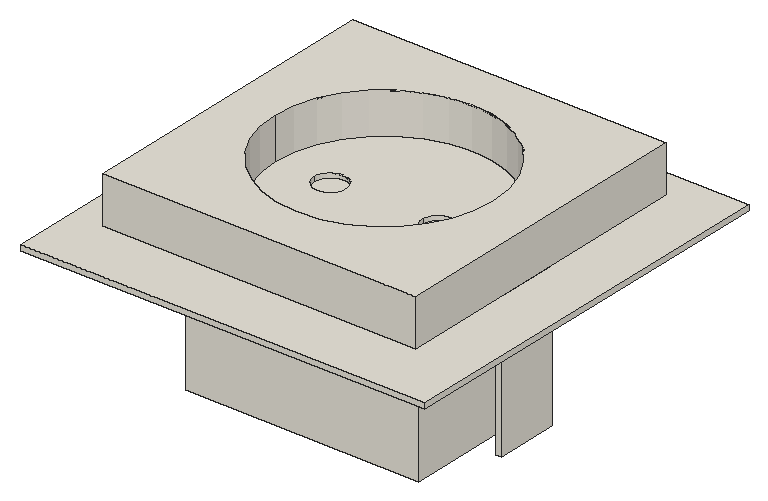
Revit family "Gira_277803", category Electrical Fixtures, host Face, Revit 2017
Family settings
  Host = Face
  Maintain Annotation Orientation = Yes
  Round Connector Dimension = Use Diameter
  Part Type = Normal
  Cut with Voids When Loaded = No
  Shared = No
  Room Calculation Point = No
Parameters (values of type "Steckd. BS 13 A gesch. + SH System 55 Reinweiß")
  Überspannungsschutz = "No"
  Werkstoffgüte = "sonstige"
  Werkstoff = "sonstige"
  Verdrehter Zentraleinsatz = "No"
  URL = "http://katalog.gira.de/de_DE/datenblatt.html?artikelnr=277803"
  Transparent = "No"
  Textfeld/Beschriftungsfläche = "No"
  Sonderstromversorgung = "ohne Sonderstromversorgung"
  Schutzleiterkontakt rund = "No"
  Schutzkontakt = "No"
  Region = "DE"
  RAL-Nummer (ähnlich) = "9010 "
  Oberfläche = "sonstige"
  Nennstrom = "13 Ampere"
  Nennspannung = "250 Volt"
  Name = "Steckd. BS 13 A gesch. + SH System 55 Reinweiß"
  Montageart = "unter Putz"
  Model = "SYS55_Steckdose"
  Mit erhöhtem Berührungsschutz = "Yes"
  Mit eingebauter USB-Spannungsversorgung = "No"
  Mit Signallampe = "No"
  Mit Orientierungsbeleuchtung = "No"
  Mit Klappdeckel = "No"
  Mit Funktionsbeleuchtung = "No"
  Mit Feinsicherung = "No"
  Mit Ein-/Ausschalter = "Yes"
  Mit Durchschleiffunktion = "No"
  Manufacturer URL = "https://www.gira.de/"
  Isolierter Einbau = "No"
  HeinzeBIM = "https://bimportal.heinze.de/bim/steckd-bs-13-a-gesch-sh-system-55-reinweiss/b4911e031992ce92d90a3da3e09cadf088a95f2f"
  Halogenfrei = "Yes"
  HAN = "277803"
  Geeignet für Schutzart (IP) = "IP20"
  GTIN = "4010337079484"
  Für "erschwerte Bedingungen" (nach VDE) = "No"
  Fehlerstromschutz = "No"
  Farbe = "weiß"
  Default Elevation = 1219.2 mm
  Data sheet (1) = "https://katalog.gira.de/de_DE/download.html?artikelnr=277803"
  Cremeweiß glänzend = Cremeweiß glänzend
  Category = "Steckdose"
  Befestigungsart = "Befestigung mit Schraube"
  Available = "Yes"
  Auswurfmechanismus = "No"
  Ausführung der Oberfläche = "glänzend"
  Ausführung = "British Standard"
  Aufdruck/Kennzeichnung = "ohne Aufdruck"
  Anzahl der Steckdosen schaltbar = "1 "
  Anzahl der Module (bei Modulbauweise) = "1 "
  Anzahl der Einheiten = "1 "
  Antibakterielle Behandlung = "No"
  Anschlussart = "Schraubklemme"
  Abschließbar = "No"
Reference planes
  plane 1 "Center (Front/Back)": y = 0
  plane 2 "Reference Level 0": z = 0
  plane 3 "Center (Left/Right)": x = 0
  plane 4: x = 9.5
  plane 5: x = -9.5
  plane 6: x = 9.5
  plane 7: x = -9.5
  plane 8: x = 9.5
  plane 9: x = -9.5
  plane 10: x = 17.5
  plane 11 "Reference Level 1": z = 8.2
Forms (mm)
  Extrusion 1, solid, material "Cremeweiß glänzend" <- "Cremeweiß glänzend", detail levels coarse
    sketch origin (0, 0, 0) x (1, 0, 0) y (0, 1, 0)
      loop
        line (-35.5, 35.5) -> (-35.5, -35.5) -> (35.5, -35.5) -> (35.5, 35.5) -> (-35.5, 35.5)
    from -27.5 to 8.2
  Extrusion 2, solid, material "Cremeweiß glänzend" <- "Cremeweiß glänzend", detail levels medium+fine
    sketch origin (0, 0, 0) x (1, 0, 0) y (0, 1, 0)
      loop
        line (-35.5, 35.5) -> (-35.5, -35.5) -> (35.5, -35.5) -> (35.5, 35.5) -> (-35.5, 35.5)
    from -2.2 to -3.2
  Extrusion 3, solid, material "Cremeweiß glänzend" <- "Cremeweiß glänzend", detail levels medium+fine
    sketch origin (0, 0, 0) x (1, 0, 0) y (0, 1, 0)
      loop
        line (-27.5, 27.5) -> (-27.5, -27.5) -> (27.5, -27.5) -> (27.5, 27.5) -> (-27.5, 27.5)
      loop
        circle (0, 0) r 19.2
    from 0 to 8.2
  Extrusion 4, solid, material "Cremeweiß glänzend" <- "Cremeweiß glänzend", detail levels fine
    sketch origin (0, 0, 0) x (1, 0, 0) y (0, 1, 0)
      loop
        circle (0, 0) r 19.2
      loop
        circle (9.5, 0) r 2.8
      loop
        circle (-9.5, 0) r 2.8
    from 0 to 1
  Extrusion 5, solid, material "Cremeweiß glänzend" <- "Cremeweiß glänzend", detail levels fine
    sketch origin (0, 0, 0) x (1, 0, 0) y (0, 1, 0)
      loop
        circle (-9.5, 0) r 2.8
      loop
        circle (9.5, 0) r 2.8
    from -2.2 to 0.3
  Extrusion 6, solid, material "Cremeweiß glänzend" <- "Cremeweiß glänzend", detail levels medium
    sketch origin (0, 0, 0) x (1, 0, 0) y (0, 1, 0)
      loop
        circle (0, 0) r 19.2
      loop
        circle (9.5, 0) r 2.8
      loop
        circle (-9.5, 0) r 2.8
    from 7.2 to 8.2
  Extrusion 7, solid, material "Cremeweiß glänzend" <- "Cremeweiß glänzend", detail levels medium
    sketch origin (0, 0, 0) x (1, 0, 0) y (0, 1, 0)
      loop
        circle (-9.5, 0) r 2.8
      loop
        circle (9.5, 0) r 2.8
    from 7.2 to 8.2
  Extrusion 8, solid, material "Cremeweiß glänzend" <- "Cremeweiß glänzend", detail levels medium+fine
    sketch origin (0, 0, 0) x (1, 0, 0) y (0, 1, 0)
      loop
        line (-20.5, 9) -> (-20.5, -18) -> (20.5, -18) -> (20.5, 9) -> (17.5, 9) -> (3, 21) -> (3, 24) -> (-3, 24) -> (-3, 21) -> (-17.5, 9) -> (-20.5, 9)
    from 0 to -27.5
  Extrusion 9, solid, material "Cremeweiß glänzend" <- "Cremeweiß glänzend", detail levels medium+fine
    sketch origin (0, 0, 0) x (1, 0, 0) y (0, 1, 0)
      loop
        line (-25, 5.5) -> (-25, -5.5) -> (-24, -5.5) -> (-24, 5.5) -> (-25, 5.5)
    from 0 to -27.5
  Extrusion 10, solid, material "Cremeweiß glänzend" <- "Cremeweiß glänzend", detail levels medium+fine
    sketch origin (0, 0, 0) x (-1, 0, 0) y (0, -1, 0)
      loop
        line (-25, 5.5) -> (-25, -5.5) -> (-24, -5.5) -> (-24, 5.5) -> (-25, 5.5)
    from 0 to -27.5
Dimensions and locks
  aligned and locked: plane 2 "Reference Level 0" to host face
  aligned and locked: level to host face
  aligned and locked: plane 3 "Center (Left/Right)" to nested 1
  aligned and locked: plane 1 "Center (Front/Back)" to nested 1
Nested families
  nested 1: "Steckdose 1-fach Beschriftung" at (0, 0, 0), type "Steckdose 1-fach Beschriftung"
Connectors
  electrical at (0, 9, -27.5)
    settings: on Extrusion 8, index 1, voltage 220 V, apparent load 0 VA, apparent load phase1 0 VA, apparent load phase2 0 VA, apparent load phase3 0 VA, power factor 1, load classification "Other", number of poles 1, system type 31, power factor state 1, is connector primary yes, connector utility no, sub classification motor no, connector description ""
Definition of nested family "Steckdose 1-fach Beschriftung"
  Reference planes
    plane 1: y = 0
    plane 2: x = 0
  Lines and regions (mm)
    detail lines
      curve 1: line (0, 0, 0) -> (0, 2, 0)
      curve 3: line (0, 2, 0) -> (-1, 2, 0)
      curve 4: arc (1, 3, 0) -> (0, 2, 0) -> (-1, 3, 0) r 1
      curve 5: line (0, 2, 0) -> (1, 2, 0)
    reference lines
      curve 2: line (-0.485, 3, 0) -> (2.315, 3, 0)
  Dimensions and locks
    curve 1 to curve 1 = 2 mm
    plane 1 to curve 2 = 3 mm
    curve 3 to curve 3 = 1 mm
